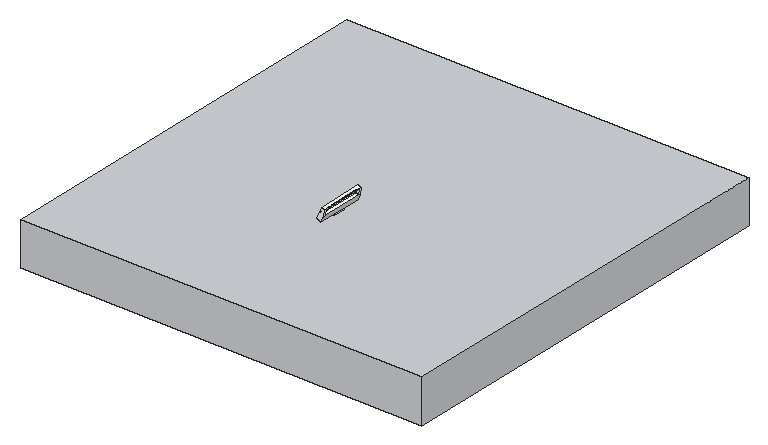
Revit family "Zumtobel SUP2 M WW", category Lighting Fixtures, host Face, Revit 2016
Family settings
  Host = Face
  Part Type = Normal
  Round Connector Dimension = Use Diameter
  OmniClass Number = 23.80.70.11
  OmniClass Title = Luminaries for Internal Lighting
  Cut with Voids When Loaded = No
  Light Source = Yes
  Shared = No
  Room Calculation Point = No
Parameters (values of type "SUP2 M WW LED600-930 LDO 3CD WH")
  Wattage Comments = ""
  Wattage = 4.03253 W
  built-in parameter 1150110 = 1 (stored number, unit not read)
  Voltage = 230 V
  URL = "http://www.zumtobel.com/60715013"
  Type Comments = "© Zumtobel. We reserve the right to make technical changes without prior notice."  # constant formula
  built-in parameter 1114217 = 1 (stored number, unit not read)
  Tilt Angle = -90.00°
  built-in parameter 1150109 = 1 (stored number, unit not read)
  built-in parameter 1150134 = (empty or 0)
  built-in parameter 1150113 = 1 (stored number, unit not read)
  Reflector = ZG_Cover_Self_llumination_Opaque
  Photometric Web File = "60715013_(STD_LEO).IES"
  Model = "60715013"
  Rotation [instance] = 90.00°
  built-in parameter 1150105 = 609.18 (stored number, unit not read)
  Lumens = 599 lm
  built-in parameter 1150115 = 1 (stored number, unit not read)
  built-in parameter 1150137 = (empty or 0)
  built-in parameter 1150139 = (empty or 0)
  built-in parameter 1150112 = 1 (stored number, unit not read)
  built-in parameter 1150114 = 1 (stored number, unit not read)
  built-in parameter 1150132 = 2
  built-in parameter 1150102 = (empty or 0)
  built-in parameter 1150107 = 3000 (stored number, unit not read)
  built-in parameter 1150138 = (empty or 0)
  built-in parameter 1150106 = 6.0918 (stored number, unit not read)
  built-in parameter 1150104 = 13.8 (stored number, unit not read)
  Dimming Lamp Color Temperature Shift = <None>
  Color Filter = 16777215
  built-in parameter 1114218 = 1 (stored number, unit not read)
  built-in parameter 1150133 = 10 (stored number, unit not read)
  Angle [instance] = 25.00°
  Manufacturer = "Zumtobel Lighting"  # constant formula
  Length = 319 mm  # constant formula
  Lamp = "LED"
  Height = 85 mm  # constant formula
  Description = "LED WW luminaires"  # constant formula
  Default Elevation = 0 mm
  Body = ZG_Metal_White
  Assembly Code = "D5020200"
  Apparent Load = 15.5 VA
Reference planes
  plane 1 "Center (Front/Back)": y = 0
  plane 2 "Top": z = 0
  plane 3 "Center (Left/Right)": x = 399.5
  plane 4 "Base": z = 30
  plane 5: y = 151
  plane 6: y = 159.5
  plane 7: y = -151
  plane 8: y = -159.5
Forms (mm)
  Extrusion 1, solid
    sketch origin (116.179, 575, 0) x (1, 0, 0) y (0, 1, 0)
      loop
        line (-1016.679, 1125) -> (-1016.679, -1737.29) -> (1803.321, -1737.29) -> (1803.321, 1125) -> (-1016.679, 1125)
    from 0 to -304.8
  Extrusion 2, solid, material "ZG_Metal_White" <- "Body"
    sketch origin (399.5, 0, 30) x (0.422618, 0, 0.906308) y (0.906308, 0, -0.422618)
      loop
        line (68, 7) -> (23, 17) -> (-17, 17) -> (-17, -17) -> (68, -17) -> (68, 7)
    from 151 to 159.5
  Extrusion 3, solid, material "ZG_Metal_White" <- "Body"
    sketch origin (399.5, 0, 30) x (0.422618, 0, 0.906308) y (0.906308, 0, -0.422618)
      loop
        line (68, 7) -> (65.5, 7.556) -> (65.5, 5.556)
        arc (65.5, 5.556) -> (45.262, -9.078) -> (21, -15) r 65
        line (21, -15) -> (21, 0) -> (23, 0) -> (23, 17) -> (-17, 17) -> (-17, -17) -> (68, -17) -> (68, 7)
    from -151 to 151
  Extrusion 4, solid, material "ZG_Metal_White" <- "Body"
    sketch origin (399.5, 0, 30) x (0.422618, 0, 0.906308) y (0.906308, 0, -0.422618)
      loop
        line (68, 7) -> (23, 17) -> (-17, 17) -> (-17, -17) -> (68, -17) -> (68, 7)
    from -159.5 to -151
  Extrusion 5, solid, material "ZG_Metal_White" <- "Body"
    sketch origin (399.5, 0, 30) x (0, 1, 0) y (-1, 0, 0)
      loop
        line (-45, -17) -> (28, -17)
        arc (28, -17) -> (40.021, -12.021) -> (45, 0) r 17
        line (45, 0) -> (45, 17) -> (-28, 17)
        arc (-28, 17) -> (-40.021, 12.021) -> (-45, 0) r 17
        line (-45, 0) -> (-45, -17)
    from -30 to -23
  Extrusion 6, solid, material "ZG_Metal_White" <- "Body"
    sketch origin (399.5, 0, 30) x (0, 1, 0) y (-1, 0, 0)
      loop
        circle (0, 0) r 6.066
    from -23 to 3
Cuts and joins
  joined: Extrusion 2, Extrusion 3, Extrusion 4
Lines and regions (mm)
  reference lines
    curve 1: line (399.5, 0, 30) -> (399.5, 155.398, 30)
    curve 2: line (399.5, 0, 30) -> (399.5, 0, 210)
    curve 3: line (399.5, 0, 30) -> (408.375, 0, 49.032)
Dimensions and locks
  "Rotation": angle plane 1 "Center (Front/Back)" to curve 1
  "Angle": angle curve 2 to curve 3
  aligned and locked: Extrusion 1 to plane 2 "Top"
  aligned and locked: Extrusion 1 to level
  aligned and locked: plane 3 "Center (Left/Right)" to curve 1
  aligned and locked: plane 1 "Center (Front/Back)" to curve 1
  aligned and locked: imposter light to curve 3  (x2)
Automatic sketch dimensions
  Extrusion 1 sketch curve to Extrusion 1 sketch curve = 2820 mm
  Extrusion 1 sketch curve to Extrusion 1 sketch curve = 2862.29 mm
  curve 2 to curve 1 = 0 mm  (x2)
  curve 1 to curve 2 = 180 mm
  curve 3 to Extrusion 3 sketch curve = 0 mm
  Extrusion 3 sketch curve to curve 3 = 17 mm  (x2)
  curve 3 to Extrusion 3 sketch curve = 18.004 mm
  curve 3 to Extrusion 3 sketch curve = 21 mm
  Extrusion 3 sketch curve to Extrusion 3 sketch curve = 2 mm  (x2)
  Extrusion 3 sketch curve to curve 3 = 7.556 mm
  Extrusion 3 sketch curve to Extrusion 3 sketch curve = 42.5 mm
  Extrusion 3 sketch curve to curve 3 = 7 mm
  Extrusion 3 sketch curve to Extrusion 3 sketch curve = 2.5 mm  (x2)
  Extrusion 3 sketch curve to Extrusion 3 sketch curve = 15 mm
  curve 3 to Extrusion 3 sketch curve = 17 mm
  Extrusion 2 sketch curve to curve 3 = 17 mm  (x2)
  curve 3 to Extrusion 2 sketch curve = 23 mm
  Extrusion 2 sketch curve to curve 3 = 7 mm
  Extrusion 2 sketch curve to Extrusion 2 sketch curve = 45 mm
  curve 3 to Extrusion 2 sketch curve = 17 mm
  Extrusion 2 sketch curve to Extrusion 2 sketch curve = 0 mm
  Extrusion 4 sketch curve to curve 3 = 17 mm  (x2)
  curve 3 to Extrusion 4 sketch curve = 23 mm
  Extrusion 4 sketch curve to curve 3 = 7 mm
  Extrusion 4 sketch curve to Extrusion 4 sketch curve = 45 mm
  curve 3 to Extrusion 4 sketch curve = 17 mm
  Extrusion 4 sketch curve to Extrusion 4 sketch curve = 0 mm
  Extrusion 5 sketch curve to curve 1 = 0 mm  (x2)
  Extrusion 5 sketch curve to curve 1 = 45 mm
  Extrusion 5 sketch curve to Extrusion 5 sketch curve = 17 mm  (x2)
  curve 1 to Extrusion 5 sketch curve = 28 mm
  Extrusion 6 sketch curve to curve 1 = 0 mm  (x2)
  curve 3 to curve 2 = 0 mm  (x2)
  radius of Extrusion 6 sketch curve = 6.066 mm
Connectors
  electrical at (399.5, 0, 0), driven by "Voltage", driven by "Apparent Load"
    settings: on Extrusion 5, index 1, voltage 230 V, apparent load 15.5 VA, apparent load phase1 0 VA, apparent load phase2 0 VA, apparent load phase3 0 VA, power factor 1, load classification "Other", number of poles 1, system type 30, power factor state 1, is connector primary yes, connector utility no, sub classification motor no, connector description "Power"
